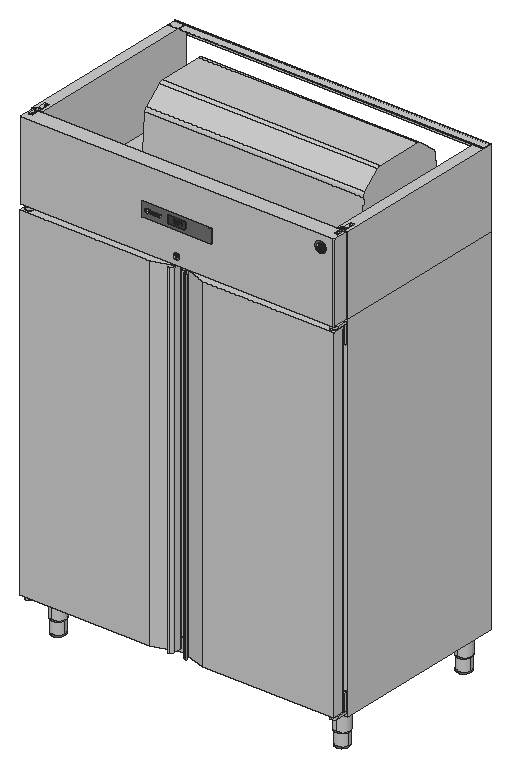
Revit family "QF_HOSHIZAKI_ADVANCE F 140-4 L", category Specialty Equipment, Revit 2016
Family settings
  Part Type = Normal
  Round Connector Dimension = Use Diameter
  OmniClass Number = 23.40.40.14
  OmniClass Title = Food Service Equipment
  Work Plane-Based = No
  Always vertical = Yes
  Cut with Voids When Loaded = No
  Shared = No
  Room Calculation Point = No
Parameters (values of type "133141070")
  Weight = 183.00 kg
  Volts = 230 V
  URL Cutsheet = ""
  URL = "www.hoshizaki-europe.com"
  Status [instance] = ""
  Specification by User [instance] = ""
  Specification by Manufacturer [instance] = ""
  Serial Number = ""
  Seismic Rating = ""
  SMACNA No = ""
  Revision Code [instance] = ""
  Phase = 1
  Number of Poles = 2
  NAFEM Spec ID Number = ""
  Model = "ADVANCE F 140-4 L"
  Min Ckt Ampacity = 0 A
  Max Overcurrent Protection = 0 A
  Masterspec = ""
  Manufacturer = "HOSHIZAKI"
  Length Actual = 1344 mm
  Item Number [instance] = ""
  Installed By [instance] = ""
  Identify Quantity as Lot [instance] = no
  Height Actual = 2000 mm
  HP power = ""
  Furnished By [instance] = ""
  Foodservice Equipment Identifier [instance] = yes
  FL Amps = 46.08 A
  Electric power = 10600 W
  Electric Connection Type [instance] = ""
  Elec Conn RI Height [instance] = 0 mm
  Elec Conn Connection Height [instance] = 1550 mm
  Description = "ADVANCE DOUBLE DOOR FREEZER, 2/1 DEEP, AISI 304 STAINLESS STEEL EXTERIOR AND INTERIOR, HC NATURAL REFRIGERANT, LEGS"
  Depth Actual = 830 mm
  Cycle = 50 Hz
  Cost = 0
  Conn Plug = ""
  Conn Conduit = no
  CSI MasterFormat = ""
  Assembly Code = "E1090320"
  Apparent Power = 10600 VA
  Accessory = no
Reference planes
  plane 1 "Center (Front/Back)": y = 0
  plane 2: z = 0
  plane 3 "Center (Left/Right)": x = 0
Forms (mm)
  Extrusion 1, solid, not visible
    sketch origin (1314, -2, 1699) x (1, 0, 0) y (0, 1, 0)
      loop
        line (0, 0) -> (2, 0) -> (2, 2) -> (0, 2) -> (0, 0)
    from 0 to 2
Dimensions and locks
  aligned and locked: level to plane 2
Nested families
  nested 1: "QF_HOSHIZAKI_133141070_230V_1Ph_50Hz" at (0, 0, 150), type "133141070_230V/1Ph/50Hz"
    with Show Logo yes, Show Clearance yes
  nested 2: "QF_HOSHIZAKI_PRE_ADV_LEGS" at (0, 0, 0), type "760660118-1344X830"
    with Length Actual 1344 mm, Height Actual 150 mm, Depth Actual 830 mm
Connectors
  electrical at (1315, 0, 1700), driven by "Apparent Power", driven by "Number of Poles", driven by "Volts"
    settings: on Extrusion 1, index 1, voltage 230 V, apparent load 0 VA, apparent load phase1 10600 VA, apparent load phase2 0 VA, apparent load phase3 0 VA, power factor 1, load classification "Other", number of poles 2, system type 31, power factor state 1, is connector primary yes, connector utility no, sub classification motor no, connector description "Electric connection for '133141070'"
Definition of nested family "QF_HOSHIZAKI_133141070_230V_1Ph_50Hz"
  Parameters (values of type "133141070_230V/1Ph/50Hz")
    URL = "www.hoshizaki-europe.com"
    Show Logo [instance] = yes
    Show Clearance [instance] = yes
    Model = "ADVANCE F 140-4 L"
    Manufacturer = "HOSHIZAKI"
    Description = "ADVANCE DOUBLE DOOR FREEZER, 2/1 DEEP, AISI 304 STAINLESS STEEL EXTERIOR AND INTERIOR, HC NATURAL REFRIGERANT, LEGS"
    Assembly Code = "E1090320"
  Types (6, lengths in mm): name | Model | Description
    131141070 | "ADVANCE K 140-4 L" | "ADVANCE DOUBLE DOOR REFRIGERATOR, 2/1 GN DEEP, AISI 304 STAINLESS STEEL EXTERIOR AND INTERIOR, HC NATURAL REFRIGERANT, LEGS"
    133141070_230V/1Ph/50Hz | "ADVANCE F 140-4 L" | "ADVANCE DOUBLE DOOR FREEZER, 2/1 DEEP, AISI 304 STAINLESS STEEL EXTERIOR AND INTERIOR, HC NATURAL REFRIGERANT, LEGS"
    123142070 | "ADVANCE F 140-3 C" | "ADVANCE DOUBLE DOOR FREEZER, 2/1 DEEP, AISI 403 STAINLESS STEEL EXTERIOR AND INTERIOR, HC NATURAL REFRIGERANT, CASTORS"
    131142090 | "ADVANCE K 140-4 C U" | "ADVANCE DOUBLE DOOR REFRIGERATOR, 2/1 GN DEEP, AISI 304 STAINLESS STEEL EXTERIOR AND INTERIOR, HC NATURAL REFRIGERANT, CASTORS"
    133142090 | "ADVANCE F 140-4 C U" | "ADVANCE DOUBLE DOOR FREEZER, 2/1 DEEP, AISI 304 STAINLESS STEEL EXTERIOR AND INTERIOR, HC NATURAL REFRIGERANT, CASTORS"
    12142070 | "ADVANCE K 140-3 C" | "ADVANCE DOUBLE DOOR REFRIGERATOR, 2/1 GN DEEP, AISI 403 STAINLESS STEEL EXTERIOR AND INTERIOR, HC NATURAL REFRIGERANT, CASTORS"
  Reference planes
    plane 1 "Back": y = 0
    plane 2: z = 0
    plane 3 "Left": x = 0
    plane 4 "Right": x = 1344
    plane 5 "Front": y = -830.03
    plane 6 "Top": z = 1850
  Forms (mm)
    Extrusion 1, solid
      sketch origin (653.43, 17.68, 1850) x (1, 0, 0) y (0, 1, 0)
        loop
          line (675.57, -773.038) -> (675.57, -726.21) -> (660.57, -726.21) -> (660.57, -773.038) -> (675.57, -773.038)
        loop
          circle (668.07, -734.247) r 1.711
        loop
          circle (668.07, -765.001) r 1.711
      from 0 to 2
    Extrusion 2, solid
      sketch origin (653.43, -41.179, 1850) x (1, 0, 0) y (0, 1, 0)
        loop
          line (675.57, -752.351) -> (675.57, -720.851) -> (660.57, -720.851) -> (660.57, -752.351) -> (675.57, -752.351)
        loop
          circle (668.07, -727.851) r 1.711
        loop
          circle (668.07, -745.351) r 1.711
      from 0 to 2
    Extrusion 3, solid
      sketch origin (1314, 17.68, -100.1) x (0, 1, 0) y (0, 0, 1)
        loop
          arc (-776.21, 1952.1) -> (-777.016, 1954.865) -> (-774.851, 1952.966) r 1.5
          line (-774.851, 1952.966) -> (-772.968, 1952.281)
          arc (-772.968, 1952.281) -> (-778.164, 1956.504) -> (-776.21, 1950.1) r 3.5
          line (-776.21, 1950.1) -> (-773.038, 1950.1) -> (-773.038, 1952.1) -> (-776.21, 1952.1)
      from 0 to 15
    Extrusion 4, solid
      sketch origin (-645.57, 17.68, 1850) x (1, 0, 0) y (0, 1, 0)
        loop
          line (675.57, -773.038) -> (675.57, -726.21) -> (660.57, -726.21) -> (660.57, -773.038) -> (675.57, -773.038)
        loop
          circle (668.07, -734.247) r 1.711
        loop
          circle (668.07, -765.001) r 1.711
      from 0 to 2
    Extrusion 5, solid
      sketch origin (-645.57, -41.179, 1850) x (1, 0, 0) y (0, 1, 0)
        loop
          line (675.57, -752.351) -> (675.57, -720.851) -> (660.57, -720.851) -> (660.57, -752.351) -> (675.57, -752.351)
        loop
          circle (668.07, -727.851) r 1.711
        loop
          circle (668.07, -745.351) r 1.711
      from 0 to 2
    Extrusion 6, solid
      sketch origin (15, 17.68, -100.1) x (0, 1, 0) y (0, 0, 1)
        loop
          arc (-776.21, 1952.1) -> (-777.016, 1954.865) -> (-774.851, 1952.966) r 1.5
          line (-774.851, 1952.966) -> (-772.968, 1952.281)
          arc (-772.968, 1952.281) -> (-778.164, 1956.504) -> (-776.21, 1950.1) r 3.5
          line (-776.21, 1950.1) -> (-773.038, 1950.1) -> (-773.038, 1952.1) -> (-776.21, 1952.1)
      from 0 to 15
    Extrusion 7, solid
      sketch origin (0, 0, -100) x (0, 1, 0) y (0, 0, 1)
        loop
          line (-760.03, 1617.5) -> (0, 1617.5) -> (0, 1948.5)
          arc (0, 1948.5) -> (-0.439, 1949.561) -> (-1.5, 1950) r 1.5
          line (-1.5, 1950) -> (-759.38, 1950)
          arc (-759.38, 1950) -> (-759.84, 1949.81) -> (-760.03, 1949.35) r 0.65
          line (-760.03, 1949.35) -> (-760.03, 1617.5)
      from 0 to 45
    Extrusion 8, solid
      sketch origin (1299, 0, -100) x (0, 1, 0) y (0, 0, 1)
        loop
          line (-760.03, 1617.5) -> (0, 1617.5) -> (0, 1948.5)
          arc (0, 1948.5) -> (-0.439, 1949.561) -> (-1.5, 1950) r 1.5
          line (-1.5, 1950) -> (-759.38, 1950)
          arc (-759.38, 1950) -> (-759.84, 1949.81) -> (-760.03, 1949.35) r 0.65
          line (-760.03, 1949.35) -> (-760.03, 1617.5)
      from 0 to 45
    Extrusion 9, solid
      sketch origin (0, 1.5, -100.1) x (0, 1, 0) y (0, 0, 1)
        loop
          line (-1.51, 1951.6) -> (-38.51, 1951.6) -> (-38.51, 1950.1) -> (-3, 1950.1)
          arc (-3, 1950.1) -> (-1.939, 1949.661) -> (-1.5, 1948.6) r 1.5
          line (-1.5, 1948.6) -> (-1.5, 1914.7) -> (0, 1914.7) -> (0, 1950.09)
          arc (0, 1950.09) -> (-0.442, 1951.158) -> (-1.51, 1951.6) r 1.51
      from 1.06 to 1343.06
    Extrusion 10, solid
      sketch origin (0, 17.57, 1849.9) x (1, 0, 0) y (0, 1, 0)
        loop
          line (4.5, -778.8) -> (4.5, -842.7)
          arc (4.5, -842.7) -> (5.935, -846.165) -> (9.4, -847.6) r 4.9
          line (9.4, -847.6) -> (1334.6, -847.6)
          arc (1334.6, -847.6) -> (1338.065, -846.165) -> (1339.5, -842.7) r 4.9
          line (1339.5, -842.7) -> (1339.5, -778.8)
          arc (1339.5, -778.8) -> (1339.149, -777.951) -> (1338.3, -777.6) r 1.2
          line (1338.3, -777.6) -> (5.7, -777.6)
          arc (5.7, -777.6) -> (4.851, -777.951) -> (4.5, -778.8) r 1.2
      from -332.4 to 0.1
    Extrusion 11, solid
      sketch origin (0, 0, -100) x (1, 0, 0) y (0, 0, 1)
        loop
          line (45, 1638.52) -> (45, 1617.5) -> (1299, 1617.5) -> (1299, 1638.52) -> (45, 1638.52)
      from 0 to 760.03
    Extrusion 12, solid
      sketch origin (0, 0, 0) x (1, 0, 0) y (0, 0, 1)
        loop
          line (0, 1517.5) -> (0, 0) -> (1344, 0) -> (1344, 1517.5) -> (0, 1517.5)
        loop
          line (60, 1457.5) -> (60, 60) -> (1284, 60) -> (1284, 1457.5) -> (60, 1457.5)
      from 0 to 760.03
    Extrusion 13, solid
      sketch origin (0, 0, 0) x (1, 0, 0) y (0, 0, 1)
        loop
          line (60, 60) -> (1284, 60) -> (1284, 1457.5) -> (60, 1457.5) -> (60, 60)
      from 0 to 45
    Extrusion 14, solid
      sketch origin (0, -660.03, 0) x (1, 0, 0) y (0, 0, 1)
        loop
          line (630, 1457.5) -> (630, 60) -> (714, 60) -> (714, 1457.5) -> (630, 1457.5)
      from 0 to 100
    Extrusion 15, solid
      sketch origin (672, -795.027, 27.1) x (-1, 0, 0) y (0, 0, -1)
        loop
          line (637.933, -1453.343) -> (637.933, -14.657) -> (53.047, -14.657) -> (53.047, -1453.343) -> (637.933, -1453.343)
        loop
          line (73.047, -1433.343) -> (617.933, -1433.343) -> (617.933, -34.657) -> (73.047, -34.657) -> (73.047, -1433.343)
      from -34.997 to -15.007
    Extrusion 16, solid
      sketch origin (686.75, -756.398, 1495.1) x (-1, 0, 0) y (0, -1, 0)
        loop
          line (646.35, 3.632) -> (678.35, 3.632) -> (678.35, 45.629)
          arc (678.35, 45.629) -> (662.35, 61.629) -> (646.35, 45.629) r 16
          line (646.35, 45.629) -> (646.35, 3.632)
        loop
          circle (662.35, 45.629) r 5
      from 2.9 to 9.9
    Extrusion 17, solid
      sketch origin (686.75, -757.401, -74.9) x (0, 1, 0) y (0, 0, -1)
        loop
          line (-9.129, -1500.199) -> (-9.129, -1572.9) -> (-2.629, -1572.9) -> (-2.629, -1493.9) -> (-4.629, -1493.9) -> (-9.129, -1500.199)
      from 646.35 to 678.35
    Extrusion 18, solid
      sketch origin (686.75, -756.398, 1495.1) x (-1, 0, 0) y (0, -1, 0)
        loop
          circle (662.35, 45.629) r 16
      from 0 to 2.9
    Extrusion 19, solid
      sketch origin (686.75, -756.398, 1495.1) x (-1, 0, 0) y (0, -1, 0)
        loop
          circle (662.35, 45.629) r 5
      from 0 to 9.9
    Extrusion 20, solid
      sketch origin (686.75, -756.398, 25.1) x (-1, 0, 0) y (0, -1, 0)
        loop
          line (602.25, 32.879) -> (677.25, 32.879) -> (677.25, 58.379) -> (602.25, 58.379) -> (602.25, 32.879)
        loop
          circle (636.875, 45.629) r 5
        loop
          circle (611.525, 45.629) r 5
      from 0 to 2
    Extrusion 21, solid
      sketch origin (686.75, -756.398, 7.1) x (0, 1, 0) y (-1, 0, 0)
        loop
          line (-3.632, 646.35) -> (-3.632, 678.35) -> (-45.629, 678.35)
          arc (-45.629, 678.35) -> (-61.629, 662.35) -> (-45.629, 646.35) r 16
          line (-45.629, 646.35) -> (-3.632, 646.35)
        loop
          circle (-45.629, 662.35) r 5
      from 2.9 to 9.9
    Extrusion 22, solid
      sketch origin (686.75, -757.401, 1589.9) x (0, 1, 0) y (0, 0, -1)
        loop
          line (-9.129, 1500.199) -> (-4.629, 1493.9) -> (-2.629, 1493.9) -> (-2.629, 1572.9) -> (-9.129, 1572.9) -> (-9.129, 1500.199)
      from 646.35 to 678.35
    Extrusion 23, solid
      sketch origin (686.75, -756.398, 9) x (0, 1, 0) y (-1, 0, 0)
        loop
          circle (-45.629, 662.35) r 5
      from 0 to 16.1
    Extrusion 24, solid
      sketch origin (774.882, -873.184, 27.1) x (-1, 0, 0) y (0, -1, 0)
        loop
          arc (769.772, -93.164) -> (770.203, -92.985) -> (770.382, -92.554) r 0.61
          line (770.382, -92.554) -> (770.382, -43.764)
          arc (770.382, -43.764) -> (770.203, -43.333) -> (769.772, -43.154) r 0.61
          line (769.772, -43.154) -> (216.079, -43.154) -> (127.057, -70.711) -> (127.057, -60.1)
          arc (127.057, -60.1) -> (129.536, -52.667) -> (135.929, -48.138) r 12.598
          line (135.929, -48.138) -> (143.363, -45.837)
          arc (143.363, -45.837) -> (143.923, -44.774) -> (142.86, -44.213) r 0.85
          line (142.86, -44.213) -> (135.209, -46.581)
          arc (135.209, -46.581) -> (128.081, -51.647) -> (125.349, -59.955) r 14
          line (125.349, -59.955) -> (125.349, -92.354)
          arc (125.349, -92.354) -> (125.586, -92.927) -> (126.159, -93.164) r 0.81
          line (126.159, -93.164) -> (769.772, -93.164)
      from 0 to 1468
    Extrusion 25, solid
      sketch origin (672, -795.027, 27.1) x (1, 0, 0) y (0, 0, 1)
        loop
          line (637.933, 1453.343) -> (53.047, 1453.343) -> (53.047, 14.657) -> (637.933, 14.657) -> (637.933, 1453.343)
        loop
          line (73.047, 1433.343) -> (73.047, 34.657) -> (617.933, 34.657) -> (617.933, 1433.343) -> (73.047, 1433.343)
      from -34.997 to -15.007
    Extrusion 26, solid
      sketch origin (657.25, -756.398, 1495.1) x (1, 0, 0) y (0, 1, 0)
        loop
          line (646.35, -3.632) -> (646.35, -45.629)
          arc (646.35, -45.629) -> (662.35, -61.629) -> (678.35, -45.629) r 16
          line (678.35, -45.629) -> (678.35, -3.632) -> (646.35, -3.632)
        loop
          circle (662.35, -45.629) r 5
      from 2.9 to 9.9
    Extrusion 27, solid
      sketch origin (657.25, -757.401, -74.9) x (0, 1, 0) y (0, 0, 1)
        loop
          line (-9.129, 1500.199) -> (-4.629, 1493.9) -> (-2.629, 1493.9) -> (-2.629, 1572.9) -> (-9.129, 1572.9) -> (-9.129, 1500.199)
      from 646.35 to 678.35
    Extrusion 28, solid
      sketch origin (657.25, -756.398, 1495.1) x (1, 0, 0) y (0, 1, 0)
        loop
          circle (662.35, -45.629) r 16
      from 0 to 2.9
    Extrusion 29, solid
      sketch origin (657.25, -756.398, 1495.1) x (1, 0, 0) y (0, 1, 0)
        loop
          circle (662.35, -45.629) r 5
      from 0 to 9.9
    Extrusion 30, solid
      sketch origin (657.25, -756.398, 25.1) x (1, 0, 0) y (0, 1, 0)
        loop
          line (602.25, -32.879) -> (602.25, -58.379) -> (677.25, -58.379) -> (677.25, -32.879) -> (602.25, -32.879)
        loop
          circle (636.875, -45.629) r 5
        loop
          circle (611.525, -45.629) r 5
      from 0 to 2
    Extrusion 31, solid
      sketch origin (657.25, -756.398, 7.1) x (0, -1, 0) y (1, 0, 0)
        loop
          line (3.632, 646.35) -> (45.629, 646.35)
          arc (45.629, 646.35) -> (61.629, 662.35) -> (45.629, 678.35) r 16
          line (45.629, 678.35) -> (3.632, 678.35) -> (3.632, 646.35)
        loop
          circle (45.629, 662.35) r 5
      from 2.9 to 9.9
    Extrusion 32, solid
      sketch origin (657.25, -757.401, 1589.9) x (0, 1, 0) y (0, 0, 1)
        loop
          line (-9.129, -1500.199) -> (-9.129, -1572.9) -> (-2.629, -1572.9) -> (-2.629, -1493.9) -> (-4.629, -1493.9) -> (-9.129, -1500.199)
      from 646.35 to 678.35
    Extrusion 33, solid
      sketch origin (657.25, -756.398, 9) x (0, -1, 0) y (1, 0, 0)
        loop
          circle (45.629, 662.35) r 5
      from 0 to 16.1
    Extrusion 34, solid
      sketch origin (569.118, -873.184, 27.1) x (1, 0, 0) y (0, 1, 0)
        loop
          line (769.772, 93.164) -> (126.159, 93.164)
          arc (126.159, 93.164) -> (125.586, 92.927) -> (125.349, 92.354) r 0.81
          line (125.349, 92.354) -> (125.349, 59.955)
          arc (125.349, 59.955) -> (128.081, 51.647) -> (135.209, 46.581) r 14
          line (135.209, 46.581) -> (142.86, 44.213)
          arc (142.86, 44.213) -> (143.923, 44.774) -> (143.363, 45.837) r 0.85
          line (143.363, 45.837) -> (135.929, 48.138)
          arc (135.929, 48.138) -> (129.536, 52.667) -> (127.057, 60.1) r 12.598
          line (127.057, 60.1) -> (127.057, 70.711) -> (216.079, 43.154) -> (769.772, 43.154)
          arc (769.772, 43.154) -> (770.203, 43.333) -> (770.382, 43.764) r 0.61
          line (770.382, 43.764) -> (770.382, 92.554)
          arc (770.382, 92.554) -> (770.203, 92.985) -> (769.772, 93.164) r 0.61
      from 0 to 1468
    Extrusion 35, solid
      sketch origin (-12.78, 0, -100) x (0, 1, 0) y (0, 0, 1)
        loop
          arc (-113.281, 1932.651) -> (-120.8, 1936.992) -> (-129.35, 1938.5) r 25
          line (-129.35, 1938.5) -> (-324.65, 1938.5)
          arc (-324.65, 1938.5) -> (-333.2, 1936.992) -> (-340.719, 1932.651) r 25
          line (-340.719, 1932.651) -> (-408.922, 1875.423)
          arc (-408.922, 1875.423) -> (-415.027, 1867.815) -> (-417.757, 1858.45) r 25
          line (-417.757, 1858.45) -> (-436.998, 1638.52) -> (-17.002, 1638.52) -> (-36.243, 1858.45)
          arc (-36.243, 1858.45) -> (-38.973, 1867.815) -> (-45.078, 1875.423) r 25
          line (-45.078, 1875.423) -> (-113.281, 1932.651)
      from 219.97 to 1149.59
    Extrusion 36, solid, visible <- "Show Logo"
      sketch origin (1743.884, -828.53, -60.1) x (-1, 0, 0) y (0, 0, -1)
        loop
          circle (459.884, -1862.5) r 13.99
      from 0 to 2.5
    Extrusion 37, solid, visible <- "Show Logo"
      sketch origin (1743.884, -829.03, -60.1) x (-1, 0, 0) y (0, 0, -1)
        loop
          circle (459.884, -1862.5) r 15
        loop
          arc (446.884, -1862.5) -> (460.705, -1875.474) -> (472.781, -1860.863) r 13
          line (472.781, -1860.863) -> (470.355, -1858.437) -> (469.346, -1862.201) -> (466.355, -1863.928) -> (465.024, -1865.26) -> (463.375, -1865.26) -> (462.04, -1870.241) -> (457.755, -1870.241) -> (459.339, -1867.979) -> (460.402, -1864.014) -> (461.224, -1860.945) -> (462.416, -1856.497) -> (461.216, -1855.297) -> (459.433, -1857.843) -> (455.784, -1851.523) -> (460.361, -1851.523) -> (461.471, -1853.446) -> (469.213, -1853.446)
          arc (469.213, -1853.446) -> (460.394, -1849.51) -> (451.293, -1852.743) r 13
          line (451.293, -1852.743) -> (455.577, -1853.891) -> (453.752, -1856.497) -> (455.349, -1856.497) -> (454.477, -1866.459) -> (452.538, -1866.459) -> (446.884, -1862.5)
        loop
          line (447.853, -1857.467) -> (452.313, -1861.926) -> (450.144, -1853.891)
          arc (450.144, -1853.891) -> (448.878, -1855.602) -> (447.853, -1857.467) r 15.828
        loop
          line (463.583, -1862.877) -> (466.64, -1862.399) -> (464.901, -1861.285) -> (463.583, -1857.664) -> (463.583, -1862.877)
        loop
          line (464.827, -1855.979) -> (468.296, -1856.908) -> (469.573, -1854.916) -> (468.881, -1854.224) -> (467.914, -1855.035) -> (464.827, -1855.979)
        loop
          line (462.609, -1872.307) -> (462.609, -1874.009) -> (464.927, -1873.388) -> (462.609, -1872.307)
        loop
          line (460.361, -1874.662) -> (459.594, -1873.335) -> (460.801, -1872.638) -> (459.186, -1872.205) -> (458.298, -1874.11) -> (460.361, -1874.662)
        loop
          line (459.623, -1846.783) -> (460.706, -1845.701) -> (462.247, -1845.701) -> (461.191, -1844.645) -> (461.503, -1842.874) -> (459.623, -1843.959) -> (457.743, -1842.874) -> (458.055, -1844.645) -> (456.999, -1845.701) -> (458.54, -1845.701) -> (459.623, -1846.783)
        loop
          line (446.86, -1853.7) -> (446.594, -1852.191) -> (447.478, -1850.929) -> (446.007, -1851.188) -> (444.736, -1849.917) -> (444.547, -1852.08) -> (442.579, -1852.997) -> (444.209, -1853.757) -> (444.468, -1855.228) -> (445.352, -1853.965) -> (446.86, -1853.7)
        loop
          line (452.395, -1848.68) -> (452.856, -1847.219) -> (454.223, -1846.508) -> (452.799, -1846.059) -> (452.258, -1844.344) -> (451.091, -1846.175) -> (448.922, -1846.08) -> (450.017, -1847.507) -> (449.568, -1848.931) -> (450.935, -1848.219) -> (452.395, -1848.68)
        loop
          line (472.909, -1853.7) -> (474.417, -1853.965) -> (475.301, -1855.228) -> (475.56, -1853.757) -> (477.19, -1852.997) -> (475.222, -1852.08) -> (475.033, -1849.917) -> (473.761, -1851.188) -> (472.291, -1850.929) -> (473.175, -1852.191) -> (472.909, -1853.7)
        loop
          line (467.374, -1848.68) -> (468.834, -1848.219) -> (470.201, -1848.931) -> (469.752, -1847.507) -> (470.847, -1846.08) -> (468.678, -1846.175) -> (467.511, -1844.344) -> (466.97, -1846.059) -> (465.546, -1846.508) -> (466.913, -1847.219) -> (467.374, -1848.68)
      from 0 to 2.5
    Extrusion 38, solid, visible <- "Show Logo"
      sketch origin (1743.884, -829.03, -60.1) x (-1, 0, 0) y (0, 0, -1)
        loop
          line (462.609, -1874.009) -> (462.609, -1872.307) -> (462.085, -1870.241) -> (457.755, -1870.241) -> (459.339, -1867.979) -> (462.416, -1856.497) -> (461.216, -1855.297) -> (459.433, -1857.843) -> (455.808, -1851.565) -> (453.948, -1851.565) -> (455.577, -1853.891) -> (454.477, -1866.459) -> (456.345, -1871.339)
          arc (456.345, -1871.339) -> (456.868, -1874.025) -> (459.213, -1875.435) r 3.366
          arc (459.213, -1875.435) -> (460.198, -1875.496) -> (461.183, -1875.435) r 8.046
          line (461.183, -1875.435) -> (462.609, -1874.009)
        loop
          line (456.854, -1851.523) -> (460.361, -1851.523) -> (460.916, -1852.485) -> (462.702, -1852.485) -> (463.779, -1851.407) -> (460.623, -1851.407) -> (461.563, -1850.468) -> (456.245, -1850.468) -> (456.854, -1851.523)
        loop
          line (460.361, -1874.662) -> (459.594, -1873.335) -> (460.801, -1872.638) -> (459.186, -1872.205) -> (458.298, -1874.11) -> (460.361, -1874.662)
      from 0 to 2.5
    Extrusion 39, solid, visible <- "Show Logo"
      sketch origin (1729.5, -828.53, 1238.8) x (-1, 0, 0) y (0, 0, -1)
        loop
          circle (445.5, -563.6) r 22.5
      from 0 to 2
    Extrusion 40, solid
      sketch origin (964.076, -828.53, -100.11) x (1, 0, 0) y (0, 0, 1)
        loop
          arc (-147.076, 1752.13) -> (-143.541, 1753.594) -> (-142.076, 1757.13) r 5
          line (-142.076, 1757.13) -> (-142.076, 1807.13)
          arc (-142.076, 1807.13) -> (-143.541, 1810.666) -> (-147.076, 1812.13) r 5
          line (-147.076, 1812.13) -> (-437.076, 1812.13)
          arc (-437.076, 1812.13) -> (-440.612, 1810.666) -> (-442.076, 1807.13) r 5
          line (-442.076, 1807.13) -> (-442.076, 1757.13)
          arc (-442.076, 1757.13) -> (-440.612, 1753.594) -> (-437.076, 1752.13) r 5
          line (-437.076, 1752.13) -> (-147.076, 1752.13)
        loop
          line (-329.576, 1792.63) -> (-329.576, 1771.63)
          arc (-329.576, 1771.63) -> (-327.819, 1767.387) -> (-323.576, 1765.63) r 6
          line (-323.576, 1765.63) -> (-260.576, 1765.63)
          arc (-260.576, 1765.63) -> (-256.334, 1767.387) -> (-254.576, 1771.63) r 6
          line (-254.576, 1771.63) -> (-254.576, 1792.63)
          arc (-254.576, 1792.63) -> (-256.334, 1796.873) -> (-260.576, 1798.63) r 6
          line (-260.576, 1798.63) -> (-323.576, 1798.63)
          arc (-323.576, 1798.63) -> (-327.819, 1796.873) -> (-329.576, 1792.63) r 6
      from 0 to 2
    Extrusion 41, solid
      sketch origin (964.076, -828.53, -100.11) x (1, 0, 0) y (0, 0, 1)
        loop
          arc (-323.576, 1798.63) -> (-327.819, 1796.873) -> (-329.576, 1792.63) r 6
          line (-329.576, 1792.63) -> (-329.576, 1771.63)
          arc (-329.576, 1771.63) -> (-327.819, 1767.387) -> (-323.576, 1765.63) r 6
          line (-323.576, 1765.63) -> (-260.576, 1765.63)
          arc (-260.576, 1765.63) -> (-256.334, 1767.387) -> (-254.576, 1771.63) r 6
          line (-254.576, 1771.63) -> (-254.576, 1792.63)
          arc (-254.576, 1792.63) -> (-256.334, 1796.873) -> (-260.576, 1798.63) r 6
          line (-260.576, 1798.63) -> (-323.576, 1798.63)
      from 0 to 2
    Extrusion 42, solid
      sketch origin (964.076, -829.03, -100.11) x (1, 0, 0) y (0, 0, 1)
        loop
          line (-298.911, 1787.691) -> (-298.115, 1788.439) -> (-298.929, 1789.206) -> (-304.501, 1789.206) -> (-305.3, 1788.422) -> (-304.534, 1787.691) -> (-298.911, 1787.691)
        loop
          line (-296.938, 1787.449) -> (-297.831, 1788.111) -> (-298.725, 1787.449) -> (-298.725, 1783.432) -> (-297.831, 1782.769) -> (-296.938, 1783.432) -> (-296.938, 1787.449)
        loop
          line (-298.911, 1777.181) -> (-304.534, 1777.181) -> (-305.3, 1776.45) -> (-304.501, 1775.666) -> (-298.929, 1775.666) -> (-298.115, 1776.432) -> (-298.911, 1777.181)
        loop
          line (-296.938, 1777.423) -> (-296.938, 1781.44) -> (-297.831, 1782.103) -> (-298.725, 1781.44) -> (-298.725, 1777.423) -> (-297.831, 1776.761) -> (-296.938, 1777.423)
        loop
          line (-298.911, 1783.189) -> (-304.534, 1783.189) -> (-305.3, 1782.459) -> (-304.501, 1781.675) -> (-298.929, 1781.675) -> (-298.115, 1782.441) -> (-298.911, 1783.189)
        loop
          line (-270.911, 1787.691) -> (-270.115, 1788.439) -> (-270.929, 1789.206) -> (-276.501, 1789.206) -> (-277.3, 1788.422) -> (-276.534, 1787.691) -> (-270.911, 1787.691)
        loop
          line (-268.938, 1787.449) -> (-269.831, 1788.111) -> (-270.725, 1787.449) -> (-270.725, 1783.432) -> (-269.831, 1782.769) -> (-268.938, 1783.432) -> (-268.938, 1787.449)
        loop
          line (-268.938, 1777.423) -> (-268.938, 1781.44) -> (-269.831, 1782.103) -> (-270.725, 1781.44) -> (-270.725, 1777.423) -> (-269.831, 1776.761) -> (-268.938, 1777.423)
        loop
          line (-294.968, 1776.333) -> (-293.829, 1775.386) -> (-292.676, 1776.348) -> (-293.829, 1777.28) -> (-294.968, 1776.333)
        loop
          line (-282.911, 1777.226) -> (-288.534, 1777.226) -> (-289.3, 1776.496) -> (-288.501, 1775.712) -> (-282.929, 1775.712) -> (-282.115, 1776.478) -> (-282.911, 1777.226)
        loop
          line (-280.938, 1777.469) -> (-280.938, 1781.486) -> (-281.831, 1782.148) -> (-282.725, 1781.486) -> (-282.725, 1777.469) -> (-281.831, 1776.806) -> (-280.938, 1777.469)
        loop
          line (-282.911, 1787.737) -> (-282.115, 1788.485) -> (-282.929, 1789.251) -> (-288.501, 1789.251) -> (-289.3, 1788.467) -> (-288.534, 1787.737) -> (-282.911, 1787.737)
        loop
          line (-280.938, 1787.494) -> (-281.831, 1788.157) -> (-282.725, 1787.494) -> (-282.725, 1783.477) -> (-281.831, 1782.815) -> (-280.938, 1783.477) -> (-280.938, 1787.494)
        loop
          line (-282.911, 1781.728) -> (-282.115, 1782.476) -> (-282.929, 1783.243) -> (-288.501, 1783.243) -> (-289.3, 1782.459) -> (-288.534, 1781.728) -> (-282.911, 1781.728)
        loop
          line (-290.492, 1787.494) -> (-290.492, 1783.477) -> (-289.599, 1782.815) -> (-288.705, 1783.477) -> (-288.705, 1787.494) -> (-289.599, 1788.157) -> (-290.492, 1787.494)
      from 0 to 2
    Revolve 43, solid
      sketch origin (672, 917.57, -100.11) x (0, 1, 0) y (0, 0, 1)
        loop
          line (-1752.6, 1652.1) -> (-1747.6, 1652.1) -> (-1747.6, 1662.634)
          arc (-1747.6, 1662.634) -> (-1748.329, 1663.731) -> (-1749.631, 1663.534) r 1.226
          line (-1749.631, 1663.534) -> (-1752.6, 1660.565) -> (-1752.6, 1652.1)
        axis (-1747.6, 1652.1) -> (-1752.6, 1652.1)
      angle from 0 to 360
    Extrusion 44, void
      sketch origin (-473.06, -833.53, -101.61) x (1, 0, 0) y (0, 0, 1)
        loop
          line (1143.96, 1657.815) -> (1143.96, 1649.385) -> (1146.16, 1649.385) -> (1146.16, 1657.815) -> (1143.96, 1657.815)
      from -1.469 to 2
    Extrusion 45, solid, visible <- "Show Logo"
      sketch origin (1132.623, -829.03, -98.186) x (1, 0, 0) y (0, 0, 1)
        loop
          line (-574.302, 1788.729) -> (-583.131, 1788.729)
          arc (-583.131, 1788.729) -> (-589.303, 1787.599) -> (-594.673, 1784.355) r 17.416
          arc (-594.673, 1784.355) -> (-596.462, 1781.094) -> (-595.769, 1777.439) r 5.506
          arc (-595.769, 1777.439) -> (-593.146, 1774.866) -> (-589.587, 1773.956) r 7.07
          line (-589.587, 1773.956) -> (-587.25, 1773.956) -> (-588.248, 1771.34) -> (-581.613, 1771.34) -> (-580.432, 1773.956) -> (-571.398, 1773.956) -> (-569.064, 1779.592) -> (-566.746, 1773.956) -> (-559.715, 1773.956) -> (-557.728, 1776.29) -> (-552.838, 1776.29) -> (-551.953, 1773.956) -> (-545.563, 1773.956) -> (-543.121, 1779.778) -> (-540.707, 1773.914) -> (-533.897, 1779.586) -> (-536.239, 1773.956) -> (-530.603, 1773.956) -> (-526.429, 1784.233) -> (-531.941, 1784.233) -> (-537.329, 1779.747) -> (-539.135, 1784.233) -> (-544.054, 1784.233) -> (-547.268, 1776.58) -> (-550.408, 1784.233) -> (-554.271, 1784.233) -> (-561.118, 1776.477) -> (-561.995, 1776.477) -> (-562.958, 1778.877)
          arc (-562.958, 1778.877) -> (-561.217, 1779.568) -> (-560.011, 1781.001) r 3.84
          arc (-560.011, 1781.001) -> (-560.124, 1783.171) -> (-562.025, 1784.225) r 2.241
          line (-562.025, 1784.225) -> (-573.005, 1784.225) -> (-576.227, 1776.507) -> (-579.37, 1776.507) -> (-576.183, 1784.227) -> (-585.103, 1784.227) -> (-586.099, 1781.742) -> (-583.981, 1781.742) -> (-586.194, 1776.345)
          arc (-586.194, 1776.345) -> (-588.764, 1776.925) -> (-590.188, 1779.141) r 3.476
          arc (-590.188, 1779.141) -> (-590.046, 1780.636) -> (-589.587, 1782.064) r 6.962
          arc (-589.587, 1782.064) -> (-587.018, 1785.071) -> (-583.227, 1786.194) r 6.962
          line (-583.227, 1786.194) -> (-575.446, 1786.194) -> (-574.302, 1788.729)
        loop
          line (-568.201, 1781.677) -> (-568.99, 1779.771) -> (-567.006, 1779.771)
          arc (-567.006, 1779.771) -> (-565.95, 1780.209) -> (-565.513, 1781.264) r 1.493
          arc (-565.513, 1781.264) -> (-565.795, 1781.565) -> (-566.192, 1781.677) r 0.765
          line (-566.192, 1781.677) -> (-568.201, 1781.677)
        loop
          line (-554.482, 1780.63) -> (-556.797, 1778.007) -> (-553.488, 1778.007) -> (-554.482, 1780.63)
      from 0 to 2
    Extrusion 46, solid, visible <- "Show Clearance", detail levels coarse
      sketch origin (0.016, -760.03, 0) x (1, 0, 0) y (0, 1, 0)
        loop
          line (4.5, -70) -> (4.5, -715)
          arc (4.5, -715) -> (460.584, -526.084) -> (649.5, -70) r 645
          line (649.5, -70) -> (4.5, -70)
      from 27.1 to 1495.1
    Extrusion 47, solid, visible <- "Show Clearance", detail levels coarse
      sketch origin (1343.984, -760.03, 0) x (-1, 0, 0) y (0, -1, 0)
        loop
          line (4.5, 70) -> (649.5, 70)
          arc (649.5, 70) -> (460.584, 526.084) -> (4.5, 715) r 645
          line (4.5, 715) -> (4.5, 70)
      from 27.1 to 1495.1
  Cuts and joins
    joined: Extrusion 12, Extrusion 13
    Extrusion 44 cuts Revolve 43
  Lines and regions (mm)
    symbolic lines
      curve 1: line (0, 0, 0) -> (0, -760.03, 0)
      curve 2: line (1344, -760.03, 0) -> (1344, 0, 0)
      curve 3: line (5.11, -830.03, 0) -> (1338.89, -830.03, 0)
      curve 4: line (1344, 0, 0) -> (0, 0, 0)
      curve 5: line (207.19, -37.01, 0) -> (207.19, -436.998, 0)
      curve 6: line (207.19, -436.998, 0) -> (1136.81, -436.998, 0)
      curve 7: line (1136.81, -436.998, 0) -> (1136.81, -37.01, 0)
      curve 8: line (1299, -37.01, 0) -> (1299, -760.03, 0)
      curve 9: line (45, -760.03, 0) -> (45, -37.01, 0)
      curve 10: line (0, -37.01, 0) -> (1344, -37.01, 0)
      curve 11: line (1344, -760.03, 0) -> (0, -760.03, 0)
      curve 12: line (1339.5, -829.42, 0) -> (1339.5, -761.23, 0)
      curve 13: line (4.5, -761.23, 0) -> (4.5, -829.42, 0)
      curve 14: arc (5.7, -760.03, 0) -> (4.851, -760.381, 0) -> (4.5, -761.23, 0) r 1.2
      curve 15: arc (1339.5, -761.23, 0) -> (1339.149, -760.381, 0) -> (1338.3, -760.03, 0) r 1.2
      curve 20: arc (4.5, -829.42, 0) -> (4.679, -829.851, 0) -> (5.11, -830.03, 0) r 0.61
      curve 21: arc (1338.89, -830.03, 0) -> (1339.321, -829.851, 0) -> (1339.5, -829.42, 0) r 0.61
    symbolic lines, visible <- "Show Clearance"
      curve 16: arc (4.516, -1475.03, 0) -> (460.6, -1286.114, 0) -> (649.516, -830.03, 0) r 645
      curve 17: line (4.516, -830.03, 0) -> (4.516, -1475.03, 0)
      curve 18: arc (1339.484, -1475.03, 0) -> (883.4, -1286.114, 0) -> (694.484, -830.03, 0) r 645
      curve 19: line (1339.484, -830.03, 0) -> (1339.484, -1475.03, 0)
  Dimensions and locks
    plane 4 "Right" to plane 3 "Left" = 1344 mm
    plane 6 "Top" to level = 1850 mm  (x2)
    plane 3 "Left" to plane 4 "Right" = 1344 mm
    plane 5 "Front" to plane 1 "Back" = 830.03 mm
    plane 1 "Back" to plane 5 "Front" = 830.03 mm
    aligned and locked: level to plane 2
Definition of nested family "QF_HOSHIZAKI_PRE_ADV_LEGS"
  Parameters (values of type "760660118-1344X830")
    Weight [instance] = 0.00 kg
    URL Cutsheet [instance] = ""
    URL = "www.hoshizaki-europe.com"
    Status [instance] = ""
    Specification by User [instance] = ""
    Specification by Manufacturer [instance] = ""
    Serial Number [instance] = ""
    Seismic Rating [instance] = ""
    SMACNA No [instance] = ""
    Right offset = 67 mm
    Revision Code [instance] = ""
    Rear offset = 58 mm
    NAFEM Spec ID Number [instance] = ""
    Model = "760660118"
    Masterspec [instance] = ""
    Manufacturer = "HOSHIZAKI"
    Length Actual [instance] = 1344 mm
    Left offset = 67 mm
    Item Number [instance] = ""
    Installed By [instance] = ""
    Identify Quantity as Lot [instance] = no
    Height Actual [instance] = 150 mm
    Furnished By [instance] = ""
    Front offset = 125 mm
    Foodservice Equipment Identifier [instance] = no
    Description = "SET OF 4 STAINLESS LEGS 130-180 MM - 1344X830 MM"
    Depth Actual [instance] = 830 mm
    Cost = 0
    CSI MasterFormat [instance] = ""
    Assembly Code = "E1090320"
    Accessory [instance] = yes
  Reference planes
    plane 1 "Back": y = 0
    plane 2: z = 0
    plane 3 "Left": x = 0
    plane 4 "Right": x = 1344
    plane 5 "Front": y = -830
    plane 6 "Top": z = 150
    plane 7 "Left offset": x = 67
    plane 8 "Right offset": x = 1277
    plane 9 "Rear offset": y = -58
    plane 10 "Front offset": y = -705
    plane 11 "Central": x = 672
  Dimensions and locks
    "Length Actual": plane 3 "Left" to plane 4 "Right"
    "Depth Actual": plane 5 "Front" to plane 1 "Back"
    "Left offset": plane 3 "Left" to plane 7 "Left offset"
    "Right offset": plane 8 "Right offset" to plane 4 "Right"
    "Rear offset": plane 9 "Rear offset" to plane 1 "Back"
    "Front offset": plane 10 "Front offset" to plane 5 "Front"
    "Height Actual": plane 6 "Top" to plane 2
    equal spacing: plane 7 "Left offset", plane 11 "Central", plane 8 "Right offset"
    aligned and locked: level to plane 2
    aligned and locked: nested 1 to plane 9 "Rear offset"
    aligned and locked: nested 2 to plane 9 "Rear offset"
    aligned and locked: nested 1 to plane 7 "Left offset"
    aligned and locked: nested 2 to plane 8 "Right offset"
    aligned and locked: nested 3 to plane 10 "Front offset"
    aligned and locked: nested 4 to plane 10 "Front offset"
    aligned and locked: nested 3 to plane 7 "Left offset"
    aligned and locked: nested 4 to plane 8 "Right offset"
  Nested families
    nested 1: "QF_LEGS" at (67, -58, 0), type "LEGS"
    nested 2: "QF_LEGS" at (1277, -58, 0), type "LEGS"
    nested 3: "QF_LEGS" at (67, -705, 0), type "LEGS"
    nested 4: "QF_LEGS" at (1277, -705, 0), type "LEGS"
  Definition of nested family "QF_LEGS"
    Parameters (values of type "LEGS")
      Height = 150 mm
    Reference planes
      plane 1 "Center (Front/Back)": y = 0
      plane 2: z = 0
      plane 3 "Center (Left/Right)": x = 0
      plane 4 "Top": z = 150
      plane 5: z = 147.5
    Forms (mm)
      Extrusion 1, solid
        sketch origin (0, 0, 150) x (0, 1, 0) y (-1, 0, 0)
          loop
            line (40, 40) -> (-40, 40) -> (-40, -40) -> (40, -40) -> (40, 40)
        from 0 to -2.5
      Extrusion 2, solid
        sketch origin (-199.986, 580, 0) x (1, 0, 0) y (0, 1, 0)
          loop
            circle (199.986, -580) r 28
        from 5 to 58
      Extrusion 3, solid
        sketch origin (-199.986, 580, 0) x (1, 0, 0) y (0, 1, 0)
          loop
            circle (199.986, -580) r 29
        from 0 to 5
      Revolve 4, solid
        sketch origin (0, 0, 0) x (0, 1, 0) y (0, 0, 1)
          loop
            line (0, 147.5) -> (-31.75, 147.5) -> (-31.75, 61.75)
            arc (-31.75, 61.75) -> (-30.652, 59.098) -> (-28, 58) r 3.75
            line (-28, 58) -> (0, 58) -> (0, 147.5)
          axis (0, 58) -> (0, 147.5)
        angle from 0 to 360
    Dimensions and locks
      "Height": plane 4 "Top" to plane 2
      locked: plane 4 "Top" to plane 5 at 2.5
      aligned and locked: level to plane 2
      aligned and locked: Revolve 4 sketch curve to plane 1 "Center (Front/Back)"
      aligned and locked: Extrusion 1 to plane 5
      aligned and locked: Revolve 4 sketch curve to plane 5
    Automatic sketch dimensions
      plane 1 "Center (Front/Back)" to Extrusion 1 sketch curve = 40 mm
      Extrusion 1 sketch curve to plane 1 "Center (Front/Back)" = 40 mm
      plane 3 "Center (Left/Right)" to Extrusion 1 sketch curve = 40 mm
      Extrusion 1 sketch curve to plane 3 "Center (Left/Right)" = 40 mm
      plane 1 "Center (Front/Back)" to Extrusion 2 sketch curve = 0 mm
      Extrusion 2 sketch curve to plane 3 "Center (Left/Right)" = 0 mm
      plane 1 "Center (Front/Back)" to Extrusion 3 sketch curve = 0 mm
      Extrusion 3 sketch curve to plane 3 "Center (Left/Right)" = 0 mm
      Revolve 4 sketch curve to plane 1 "Center (Front/Back)" = 0 mm
      Revolve 4 sketch curve to plane 5 = 0 mm
      plane 1 "Center (Front/Back)" to Revolve 4 sketch curve = 28 mm
      level to Revolve 4 sketch curve = 61.75 mm
      Revolve 4 sketch curve to Revolve 4 sketch curve = 3.75 mm
      Revolve 4 sketch curve to Revolve 4 sketch curve = 28 mm
      radius of Extrusion 2 sketch curve = 28 mm
      radius of Extrusion 3 sketch curve = 29 mm
